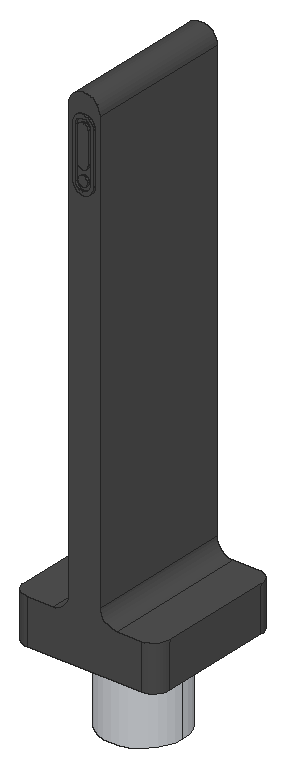
Revit family "Reece_Tap_Milli_Axon_Wall Bath Outlet", category Plumbing Fixtures, host Face, Revit 2018
Family settings
  Host = Face
  Round Connector Dimension = Use Diameter
  Part Type = Normal
  Cut with Voids When Loaded = No
  Shared = Yes
  Room Calculation Point = Yes
Parameters (values of type "Matte Black")
  Waste Connection = no
  WFU = 0  # constant formula
  Vent Connection = no
  URL = "https://www.reece.com.au/product/-2252086"
  Type Comments = "Tap"
  Reece_Tap_Reach = 180 mm  # constant formula
  Reece_Tap_Inlet = 12 mm  # constant formula
  Reece_Product_Web Page = "https://www.reece.com.au/product/-2252086"
  Reece_Product_Type = "Tap"  # constant formula
  Reece_Product_Sub Brand = "Axon"  # constant formula
  Reece_Product_Number = "2252086"
  Reece_Product_Mount = "Wall Mounted"
  Reece_Product_Description = "Milli Axon Bath Outlet Matte Black"
  Reece_Product_Brand = "Milli"  # constant formula
  Reece_Overall_Projection = 195 mm  # constant formula
  Reece_Overall_Length = 55 mm  # constant formula
  Reece_Overall_Height = 55 mm  # constant formula
  Reece_Material_Secondary = Reece_Brass_Matte Black
  Reece_Material_Main = Reece_Brass_Matte Black
  Reece_Detail_Shape = ""
  Reece_Detail_Disclaimer = "THIS FILE IS THE PROPERTY OF THE REECE GROUP. IT MAY NOT BE REPRODUCED, REVERSE-ENGINEERED OR MODIFIED. ANY REPUBLICATION, TRANSMISSION OR DISTRIBUTION FOR THE PURPOSE OF COMMERCIALLY EXPLOITING THE FILES IS PROHIBITED."  # constant formula
  Reece_Detail_Additional = ""
  Model = "Axon"
  Manufacturer = "Milli"
  Keynote = "Product #2252086, Reece_Tap_Milli_Axon_Wall Bath Outlet - Matte Black"
  HWFU = 0  # constant formula
  HW Connection = no
  Disclaimer = "THIS FILE IS THE PROPERTY OF THE REECE GROUP. IT MAY NOT BE REPRODUCED, REVERSE-ENGINEERED OR MODIFIED. ANY REPUBLICATION, TRANSMISSION OR DISTRIBUTION FOR THE PURPOSE OF COMMERCIALLY EXPLOITING THE FILES IS PROHIBITED."  # constant formula
  Description = "Milli Axon Bath Outlet Matte Black"
  Default Elevation = 1000 mm
  CWFU = 0  # constant formula
  CW Connection = no
Types (3, lengths in mm): name | URL | Reece_Product_Web Page | Reece_Product_Number | Reece_Product_Description | Reece_Material_Secondary | Reece_Material_Main | Keynote | Description
  (no name) | "https://www.reece.com.au/product/-2252085" | "https://www.reece.com.au/product/-2252085" | "2252085" | "Milli Axon Bath Outlet Chrome" | Reece_Brass_Chrome | Reece_Brass_Chrome | "Product #2252085, Reece_Tap_Milli_Axon_Wall Bath Outlet -  " | "Milli Axon Bath Outlet Chrome"
  Chrome | "https://www.reece.com.au/product/-2252085" | "https://www.reece.com.au/product/-2252085" | "2252085" | "Milli Axon Bath Outlet Chrome" | Reece_Brass_Chrome | Reece_Brass_Chrome | "Product #2252085, Reece_Tap_Milli_Axon_Wall Bath Outlet - Chrome" | "Milli Axon Bath Outlet Chrome"
  Matte Black | "https://www.reece.com.au/product/-2252086" | "https://www.reece.com.au/product/-2252086" | "2252086" | "Milli Axon Bath Outlet Matte Black" | Reece_Brass_Matte Black | Reece_Brass_Matte Black | "Product #2252086, Reece_Tap_Milli_Axon_Wall Bath Outlet - Matte Black" | "Milli Axon Bath Outlet Matte Black"
Reference planes
  plane 1 "Center (Front/Back)": y = 0
  plane 2 "Bottom": z = 0
  plane 3 "Center (Left/Right)": x = 0
  plane 4 "Top": z = 195
  plane 5: z = 17
  plane 6: y = -6
  plane 7: y = 6
  plane 8: y = 27.5
  plane 9: y = -27.5
  plane 10: z = 180
  plane 11: x = -27.571
  plane 12: x = 27.429
Forms (mm)
  Extrusion 1, solid, material "Reece_Brass_Matte Black" <- "Reece_Material_Main"
    sketch origin (-0.071, -27.5, 0) x (-1, 0, 0) y (0, 0, 1)
      loop
        line (-6, 189.005) -> (-6, 23.04)
        arc (-6, 23.04) -> (-7.769, 18.769) -> (-12.04, 17) r 6.04
        line (-12.04, 17) -> (-27.5, 17) -> (-27.5, 0) -> (27.5, 0) -> (27.5, 17) -> (11.951, 17)
        arc (11.951, 17) -> (7.743, 18.743) -> (6, 22.951) r 5.951
        line (6, 22.951) -> (6, 189.005)
        arc (6, 189.005) -> (0, 195.005) -> (-6, 189.005) r 6
    from 0 to 55
  Extrusion 2, void
    sketch origin (-0.071, -27.5, 0) x (0, 1, 0) y (-1, 0, 0)
      loop
        line (0, 27.5) -> (0, 21.485)
        arc (0, 21.485) -> (1.762, 25.738) -> (6.015, 27.5) r 6.015
        line (6.015, 27.5) -> (0, 27.5)
      loop
        arc (5.981, -27.5) -> (1.752, -25.748) -> (0, -21.519) r 5.981
        line (0, -21.519) -> (0, -27.5) -> (5.981, -27.5)
      loop
        arc (55, -21.473) -> (53.235, -25.735) -> (48.973, -27.5) r 6.027
        line (48.973, -27.5) -> (55, -27.5) -> (55, -21.473)
      loop
        arc (48.963, 27.5) -> (53.232, 25.732) -> (55, 21.463) r 6.037
        line (55, 21.463) -> (55, 27.5) -> (48.963, 27.5)
    from 0 to 33.325
  Sweep 3, solid, material "Reece_Brass_Matte Black" <- "Reece_Material_Main"
    path origin (-0.071, -25.591, 57.463) x (1, 0, 0) y (0, 0, -1)
      loop
        arc (-4, -126.492) -> (0, -130.492) -> (4, -126.492) r 4
        line (4, -126.492) -> (4, -107.249)
        arc (4, -107.249) -> (0, -103.249) -> (-4, -107.249) r 4
        line (-4, -107.249) -> (-4, -126.492)
    profile origin (-0.071, -25.591, 187.956) x (0, 0, -1) y (0, 1, 0)
      loop
        line (0, 0) -> (0, -2.628) -> (1.162, -2.628) -> (1.162, 0) -> (0, 0)
  Extrusion 4, solid, material "Reece_Brass_Matte Black" <- "Reece_Material_Main"
    sketch origin (-0.071, -127.83, 57.876) x (1, 0, 0) y (0, 0, -1)
      loop
        arc (-2, -125.271) -> (0, -127.271) -> (2, -125.271) r 2
        line (2, -125.271) -> (2, -113.387)
        arc (2, -113.387) -> (0, -111.387) -> (-2, -113.387) r 2
        line (-2, -113.387) -> (-2, -125.271)
      loop
        circle (0, -107.49) r 1.8
    from 99.61 to 106.674
  Revolve 5, solid
    sketch origin (-27.429, 0, 0) x (1, 0, 0) y (0, 0, 1)
      loop
        line (27.477, 0) -> (27.477, -30.375) -> (42.477, -30.375) -> (42.477, 0) -> (27.477, 0)
      axis (27.477, 0) -> (27.477, -30.375)
    angle from 0 to 360
  Revolve 6, void
    sketch origin (-0.071, -27.406, 0) x (0, 1, 0) y (0, 0, 1)
      loop
        line (27.477, 6.404) -> (27.477, -9.668) -> (47.213, -9.668) -> (47.213, 6.404) -> (27.477, 6.404)
      axis (27.477, 6.404) -> (27.477, -9.668)
    angle from 0 to 360
Cuts and joins
  Extrusion 2, Revolve 6 cuts Extrusion 1
  Revolve 6 cuts Sweep 3
  Revolve 6 cuts Extrusion 4
  joined: Extrusion 1, Sweep 3, Extrusion 4
Text (mm)
  text "Reece ©" at (44.384, 258.95, 192.345), in view "Reece Preview"
  text "Reece Copyright © 2018, Reece Ltd." at (-91.299, -54.497, 0), in view "Ref. Level"
Dimensions and locks
  "Reece_Overall_Projection": plane 2 "Bottom" to plane 4 "Top"
  "Reece_Overall_Length": plane 8 to plane 9
  plane 4 "Top" to plane 2 "Bottom" = 195 mm
  "Reece_Tap_Reach": plane 2 "Bottom" to plane 10
  plane 10 to plane 2 "Bottom" = 180 mm
  plane 10 to host face = 180 mm
  plane 4 "Top" to host face = 195 mm
  "Reece_Overall_Length": plane 11 to plane 12
  "Reece_Overall_Height": plane 8 to cut or joined group of Extrusion 1, Extrusion 2, Sweep 3, Extrusion 4, Revolve 6
  aligned and locked: plane 2 "Bottom" to host face
  aligned and locked: level to host face
Automatic sketch dimensions
  host sketch curve to host sketch curve = 380.785 mm
  host sketch curve to host sketch curve = 317.421 mm
  Revolve 5 sketch curve to plane 5 = 0 mm
  Revolve 5 sketch curve to plane 5 = 17 mm
  plane 3 "Center (Left/Right)" to Revolve 5 sketch curve = 0.048 mm
  Revolve 5 sketch curve to level = 30.375 mm
  Revolve 5 sketch curve to Revolve 5 sketch curve = 0 mm
  Revolve 5 sketch curve to Revolve 5 sketch curve = 7.625 mm
  Extrusion 1 sketch curve to plane 5 = 0 mm  (x2)
  Extrusion 1 sketch curve to level = 0 mm
  plane 3 "Center (Left/Right)" to Extrusion 1 sketch curve = 27.429 mm
  plane 3 "Center (Left/Right)" to Extrusion 1 sketch curve = 11.969 mm
  plane 3 "Center (Left/Right)" to Extrusion 1 sketch curve = 5.929 mm
  Extrusion 1 sketch curve to plane 3 "Center (Left/Right)" = 0.071 mm
  Extrusion 1 sketch curve to Extrusion 1 sketch curve = 5.951 mm
  Extrusion 1 sketch curve to Extrusion 1 sketch curve = 15.549 mm
  Extrusion 1 sketch curve to plane 4 "Top" = 5.995 mm
  plane 9 to Extrusion 2 sketch curve = 0 mm  (x2)
  Extrusion 2 sketch curve to Extrusion 2 sketch curve = 5.981 mm
  Extrusion 2 sketch curve to Extrusion 2 sketch curve = 6.015 mm
  Extrusion 2 sketch curve to plane 8 = 6.037 mm
  Extrusion 2 sketch curve to plane 8 = 6.027 mm
  plane 8 to Extrusion 2 sketch curve = 0 mm  (x2)
  plane 3 "Center (Left/Right)" to Extrusion 2 sketch curve = 27.429 mm  (x2)
  Extrusion 2 sketch curve to plane 3 "Center (Left/Right)" = 21.534 mm
  Extrusion 2 sketch curve to plane 3 "Center (Left/Right)" = 21.556 mm
  Extrusion 2 sketch curve to Extrusion 2 sketch curve = 0 mm
  Sweep 3 sketch curve to plane 3 "Center (Left/Right)" = 4.071 mm
  Sweep 3 sketch curve to plane 3 "Center (Left/Right)" = 0.071 mm
  plane 10 to Sweep 3 sketch curve = 3.956 mm
  Sweep 3 sketch curve to plane 10 = 15.287 mm
  Sweep 3 sketch curve to profile plane = 0 mm  (x2)
  Sweep 3 sketch curve to Sweep 3 sketch curve = 1.162 mm
  Sweep 3 sketch curve to profile plane = 2.628 mm
  Extrusion 4 sketch curve to plane 3 "Center (Left/Right)" = 2.071 mm
  Extrusion 4 sketch curve to plane 3 "Center (Left/Right)" = 0.071 mm  (x2)
  plane 10 to Extrusion 4 sketch curve = 3.147 mm
  Extrusion 4 sketch curve to plane 10 = 8.737 mm
  Extrusion 4 sketch curve to Extrusion 4 sketch curve = 5.897 mm
  Revolve 6 sketch curve to plane 1 "Center (Front/Back)" = 0.071 mm  (x2)
  Revolve 6 sketch curve to plane 8 = 7.693 mm
  Revolve 6 sketch curve to level = 9.668 mm
  level to Revolve 6 sketch curve = 6.404 mm
  Revolve 6 sketch curve to Revolve 6 sketch curve = 30.332 mm
  Revolve 6 sketch curve to Revolve 6 sketch curve = 3.596 mm
  Revolve 5 sketch curve to Revolve 5 sketch curve = 15 mm
  radius of Extrusion 4 sketch curve = 1.8 mm
Connectors
  piping at (-0.071, 0.071, 6.404), diameter 12, driven by "Reece_Tap_Inlet"
    settings: on cut or joined group of Extrusion 1, Extrusion 2, Sweep 3, Extrusion 4, Revolve 6, index 1, connector inside diameter 609.6 mm, connector length 0 mm, flow factor 0, pipe flow 0.0 L/s, pressure drop 0.0 Pa, fitting loss kfactor 0, connector angle 0.00°, fixture units 0, engagement length 0 mm, angle of deflection 0.00°, flow configuration 0, flow direction 1, fitting loss method 0, system type 29, joint type 0, gender type 0, connector reference index -1, connector utility 0, adjustable connector no, is connector primary yes, connector description ""
